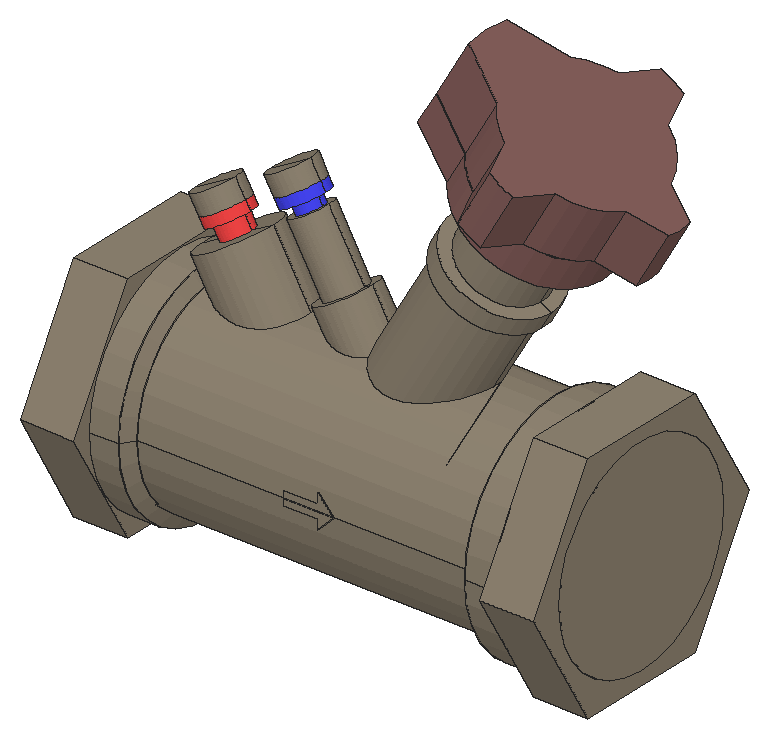
Revit family "PipeAccessories_Valve-Balancing_TA-Hydronics_STAD_DN10-50", category Pipe Accessories, Revit 2019
Family settings
  Round Connector Dimension = Use Diameter
  Part Type = Valve - Breaks Into
  OmniClass Number = 23.65.55.14.17
  OmniClass Title = Adjusting/Controlling Valves for Liquid Services
  Work Plane-Based = No
  Always vertical = Yes
  Cut with Voids When Loaded = No
  Shared = No
Parameters (values of type "TA-Hydronics_STAD_DN10-50")
  Weight_in_Kg [instance] = size_lookup(Lookup Table Name, "W", Diameter, Diameter)  # 2.30 mm
  URL = "http://www.tahydronics.com/en/products-solutions/balancing-and-control/balancing-valves/balancing-valves/stad/?q=52151009"
  Type Comments = "Screwed ends"  # constant formula
  ProductCode_2 [instance] = size_lookup(Lookup Table Name, "PC", Diameter * 1.00 mm, Diameter)  # 52151050 mm²
  NutThickness [instance] = size_lookup(Lookup Table Name, "NT", Diameter, Diameter)  # 16.28 mm
  NutDiameter [instance] = size_lookup(Lookup Table Name, "ND", Diameter, Diameter)  # 70.00 mm
  ModifiedIssue_ANZRS = 20141016.54  # constant formula
  Model = "STAD"  # constant formula
  Min.WorkingTemperature = "-20°C"
  Min.Flow [instance] = 0.0 L/s
  Max.WorkingTemperature = "120°C"
  Max.Flow [instance] = 0.0 L/s
  Manufacturer = "Tour&Andersson"  # constant formula
  Lookup Table Name = "PipeAccessories_Valve-Balancing_TA-Hydronics_STAD_DN10-50"
  Length [instance] = size_lookup(Lookup Table Name, "L", Diameter, Diameter)  # 154.83 mm
  Flow [instance] = 0.0 L/s
  ConnectorDescription = "DN 10-50: Female thread according to ISO 228. Thread length according to ISO 7/1."  # constant formula
  InclinedLength [instance] = sqrt((Length / 2) ^ 2 + Height ^ 2)  # 148.445 mm
  Height [instance] = size_lookup(Lookup Table Name, "H", Diameter, Diameter)  # 126.66 mm
  HandleMaterial = TA-Hydronics_Polyamide
  Diameter [instance] = 50.00 mm
  Description = "Manual balancing valve"  # constant formula
  CreatedBy_ANZRS = "A2K Technologies"  # constant formula
  CreatedByURL_ANZRS = "www.bimmepaus.com.au"
  BodyMaterial = TA-Hydronics_Ametal
  BodyDiameter [instance] = size_lookup(Lookup Table Name, "BD", Diameter, Diameter)  # 61.97 mm
Reference planes
  plane 1 "Center (Front/Back)": y = 0
  plane 2: z = 0
  plane 3 "Center (Left/Right)": x = 0
  plane 4: x = 77.415
  plane 5: x = -77.415
  plane 6: x = 61.135
  plane 7: x = -61.135
  plane 8: x = -49.835
  plane 9: x = 49.795
  plane 10: through (37.6, -1524, 67.723) normal (0.866, 0, -0.5)
  plane 11 "PlugB": through (0, -1524, 20.696) normal (-0.866, 0, -0.5)
  plane 12: through (-21.175, -1524, 4.881) normal (-0.866, 0, -0.5)
  plane 13: z = 126.66
Forms (mm)
  Sweep 1, solid, material "TA-Hydronics_Ametal" <- "BodyMaterial", detail levels fine
    path origin (0, 0, 0) x (1, 0, 0) y (0, 1, 0)
      loop
        line (77.415, 0) -> (-77.415, 0)
    profile origin (0, 0, 0) x (0, -1, 0) y (0, 0, 1)
      loop
        circle (0, 0) r 30.985
  Extrusion 2, solid, material "TA-Hydronics_Ametal" <- "BodyMaterial", detail levels fine
    sketch origin (77.415, 0, 0) x (0, 1, 0) y (0, 0, 1)
      loop
        line (-20.207, 35) -> (-40.415, 0) -> (-20.207, -35) -> (20.207, -35) -> (40.415, 0) -> (20.207, 35) -> (-20.207, 35)
    from 0 to -16.28
  Extrusion 3, solid, material "TA-Hydronics_Ametal" <- "BodyMaterial", detail levels fine
    sketch origin (-77.415, 0, 0) x (0, 0, 1) y (0, 1, 0)
      loop
        line (0, -40.415) -> (35, -20.207) -> (35, 20.207) -> (0, 40.415) -> (-35, 20.207) -> (-35, -20.207) -> (0, -40.415)
    from 0 to -16.28
  SweptBlend 4, solid, material "TA-Hydronics_Ametal" <- "BodyMaterial", detail levels fine
    path origin (0, 0, 0) x (1, 0, 0) y (0, 1, 0)
      loop
        line (-49.835, 0) -> (-52.175, 0)
    profile origin (-49.835, 0, 0) x (0, -1, 0) y (0, 0, 1)
      loop
        circle (0, 0) r 30.985
    end profile origin (-52.175, 0, 0) x (0, -1, 0) y (0, 0, 1)
      loop
        circle (0, 0) r 35
  Sweep 5, solid, material "TA-Hydronics_Ametal" <- "BodyMaterial", detail levels fine
    path origin (0, 0, 0) x (1, 0, 0) y (0, 1, 0)
      loop
        line (-52.175, 0) -> (-61.135, 0)
    profile origin (-56.655, 0, 0) x (0, -1, 0) y (0, 0, 1)
      loop
        circle (0, 0) r 35
  SweptBlend 6, solid, material "TA-Hydronics_Ametal" <- "BodyMaterial", detail levels fine
    path origin (0.34, 0, 0) x (-1, 0, 0) y (0, 1, 0)
      loop
        line (-49.455, 0) -> (-51.795, 0)
    profile origin (49.795, 0, 0) x (0, 1, 0) y (0, 0, 1)
      loop
        circle (0, 0) r 30.985
    end profile origin (52.135, 0, 0) x (0, 1, 0) y (0, 0, 1)
      loop
        circle (0, 0) r 35
  Sweep 7, solid, material "TA-Hydronics_Ametal" <- "BodyMaterial", detail levels fine
    path origin (0, 0, 0) x (-1, 0, 0) y (0, 1, 0)
      loop
        line (-52.135, 0) -> (-61.135, 0)
    profile origin (56.635, 0, 0) x (0, 1, 0) y (0, 0, 1)
      loop
        circle (0, 0) r 35
  Revolve 8, solid, material "TA-Hydronics_Ametal" <- "BodyMaterial", detail levels fine
    sketch origin (0, 0, 0) x (1, 0, 0) y (0, 0, -1)
      loop
        line (45.863, -82.036) -> (57.327, -75.417) -> (47.327, -58.096) -> (50.576, -56.221) -> (47.576, -51.024) -> (45.828, -52.034) -> (16.328, -0.94) -> (10.292, -4.425) -> (6.292, 2.503) -> (-0.636, -1.497) -> (45.863, -82.036)
      axis (45.863, -82.036) -> (-0.636, -1.497)
    angle from 0 to 360
  Extrusion 9, solid, material "TA-Hydronics_Polyamide" <- "HandleMaterial", detail levels fine
    sketch origin (45.863, 0, 82.036) x (-0.866025, 0, 0.5) y (0, -1, 0)
      loop
        line (17.853, -14.501) -> (34.171, -7.575)
        arc (34.171, -7.575) -> (34.954, 0) -> (34.171, 7.575) r 36.993
        line (34.171, 7.575) -> (17.853, 14.501)
        arc (17.853, 14.501) -> (-23.113, 0) -> (17.853, -14.501) r 23.05
    from 0 to 11
  Extrusion 10, solid, material "TA-Hydronics_Polyamide" <- "HandleMaterial", detail levels fine
    sketch origin (51.363, 0, 91.562) x (-0.866025, 0, 0.5) y (0, -1, 0)
      loop
        line (-8.646, -21.392) -> (-4.038, -32.248)
        arc (-4.038, -32.248) -> (0, -32.49) -> (4.038, -32.248) r 33.84
        line (4.038, -32.248) -> (8.673, -21.33)
        arc (8.673, -21.33) -> (14.1, -18.185) -> (18.478, -13.693) r 23.05
        line (18.478, -13.693) -> (34.29, -6.981)
        arc (34.29, -6.981) -> (34.953, 0.303) -> (34.171, 7.575) r 36.993
        line (34.171, 7.575) -> (17.853, 14.501)
        arc (17.853, 14.501) -> (13.693, 18.494) -> (8.673, 21.33) r 23.05
        line (8.673, 21.33) -> (4.038, 32.248)
        arc (4.038, 32.248) -> (0, 32.499) -> (-4.038, 32.248) r 32.676
        line (-4.038, 32.248) -> (-8.646, 21.392)
        arc (-8.646, 21.392) -> (-16.345, 16.315) -> (-21.438, 8.627) r 23.05
        line (-21.438, 8.627) -> (-32.248, 4.038)
        arc (-32.248, 4.038) -> (-32.62, 0) -> (-32.248, -4.038) r 22.14
        line (-32.248, -4.038) -> (-21.438, -8.627)
        arc (-21.438, -8.627) -> (-16.345, -16.315) -> (-8.646, -21.392) r 23.05
    from 0 to 19.282
  Revolve 11, solid, material "TA-Hydronics_Ametal" <- "BodyMaterial", detail levels fine
    sketch origin (0, 0, 0) x (1, 0, 0) y (0, 0, 1)
      loop
        line (-28.023, 69.234) -> (0, 20.696) -> (7.81, 25.206) -> (-3.463, 44.731) -> (-5.866, 43.344) -> (-16.616, 61.963) -> (-18.532, 60.858) -> (-20.032, 63.456) -> (-17.526, 64.902) -> (-19.025, 67.498) -> (-22.026, 72.697) -> (-28.023, 69.234)
      axis (-28.023, 69.234) -> (0, 20.696)
    angle from 0 to 360
  Revolve 12, solid, material "TA-Hydronics_Ametal" <- "BodyMaterial", detail levels fine
    sketch origin (0, 0, 0) x (1, 0, 0) y (0, 0, 1)
      loop
        line (-50.753, 56.111) -> (-21.175, 4.881) -> (-15.651, 8.071) -> (-17.681, 11.586)
        arc (-17.681, 11.586) -> (-19.408, 17.872) -> (-18.24, 24.286) r 14.661
        line (-18.24, 24.286) -> (-33.399, 50.542) -> (-39.865, 46.809) -> (-42.115, 50.706) -> (-40.255, 51.78) -> (-41.754, 54.375) -> (-44.755, 59.574) -> (-50.753, 56.111)
      axis (-50.753, 56.111) -> (-21.175, 4.881)
    angle from 0 to 360
  Extrusion 13, solid, material "TA-Hydronics_Ametal" <- "BodyMaterial", detail levels fine
    sketch origin (-12.5, -28, 0) x (1, 0, 0) y (0, 0, 1)
      loop
        line (7.089, 2) -> (7.089, -2) -> (17.089, -2) -> (17.089, -5) -> (22.089, 0) -> (17.089, 5) -> (17.089, 2) -> (7.089, 2)
    from -58.985 to 2.985
Lines and regions (mm)
  reference lines
    curve 1: line (61.005, 0, 108.261) -> (11.138, 0, 137.051)
    curve 2: line (51.363, 0, 91.562) -> (14.487, 0, 112.852)
    curve 3: line (45.863, 0, 82.036) -> (8.987, 0, 103.326)
    curve 4: line (-21.175, 0, 4.881) -> (-42.826, 0, -7.619)
  model lines, detail levels coarse+medium
    curve 5: line (0, 0, 0) -> (0, -45, 0)
    curve 6: line (-25, -45, 0) -> (25, -45, 0)
    curve 7: line (-61.415, 27.766, 0) -> (-61.415, 47.766, 0)
    curve 8: line (61.415, 27.766, 0) -> (61.415, 47.766, 0)
  model lines, style "PipeAccessory", detail levels coarse+medium
    curve 9: line (-77.415, 35, 0) -> (77.415, -35, 0)
    curve 10: line (77.415, 35, 0) -> (-77.415, -35, 0)
    curve 11: line (77.415, 35, 0) -> (77.415, -35, 0)
    curve 12: line (-77.415, 35, 0) -> (-77.415, -35, 0)
Dimensions and locks
  equal spacing: plane 5, plane 3 "Center (Left/Right)", plane 4
  "Length": plane 5 to plane 4
  equal spacing: Extrusion 2 sketch curve, plane 1 "Center (Front/Back)", Extrusion 2 sketch curve  (x3)
  "NutDiameter": Extrusion 2 sketch curve to Extrusion 2 sketch curve  (x3)
  "NutThickness": plane 6 to plane 4
  "NutThickness": plane 5 to plane 7
  plane 7 to plane 8 = 11.30 mm
  plane 9 to plane 6 = 11.34 mm
  equal spacing: Extrusion 3 sketch curve, plane 1 "Center (Front/Back)", Extrusion 3 sketch curve  (x3)
  "NutDiameter": Extrusion 3 sketch curve to Extrusion 3 sketch curve  (x3)
  equal spacing: curve 12, plane 1 "Center (Front/Back)", curve 12
  equal spacing: curve 11, plane 1 "Center (Front/Back)", curve 11
  "NutDiameter": curve 11 to curve 11
  "NutDiameter": curve 12 to curve 12
  locked: Revolve 8 sketch curve to curve 3 at 20
  locked: Revolve 8 sketch curve to curve 3 at 26
  locked: plane 10 to Revolve 8 sketch curve at 13.238
  locked: plane 10 to Revolve 8 sketch curve at 16.989
  locked: plane 10 to Revolve 8 sketch curve at 14.97
  locked: curve 1 to curve 2 at 19.282
  locked: curve 2 to curve 3 at 11
  locked: Revolve 12 sketch curve to curve 4 at 45.655
  locked: Revolve 12 sketch curve to curve 4 at 50.155
  locked: curve 4 to Revolve 12 sketch curve at 59.155
  locked: Revolve 12 sketch curve to plane 12 at 6.379
  locked: plane 12 to Revolve 12 sketch curve at 12.244
  locked: plane 12 to Revolve 12 sketch curve at 4.778
  locked: plane 12 to Revolve 12 sketch curve at 6.925  (x2)
  "Height": plane 13 to plane 2
  locked: plane 13 to curve 1 at 18.399
  locked: Revolve 8 sketch curve to Revolve 8 sketch curve at 8
  locked: plane 10 to Revolve 8 sketch curve at 8
  locked: curve 6 to plane 1 "Center (Front/Back)" at 45
  equal spacing: curve 6, plane 3 "Center (Left/Right)", curve 6
  "Diameter": curve 6 to curve 6
  locked: curve 8 to plane 4 at 16
  plane 5 to curve 7 = 16.00 mm
  locked: Extrusion 13 sketch curve to Extrusion 13 sketch curve at 10
  Extrusion 13 sketch curve to Extrusion 13 sketch curve = 4.00 mm
  locked: Extrusion 13 sketch curve to Extrusion 13 sketch curve at 5
  "BodyDiameter": Extrusion 13 to Extrusion 13
  equal spacing: Extrusion 13, plane 1 "Center (Front/Back)", Extrusion 13
  "BodyDiameter": diameter of Sweep 1 sketch curve
  "BodyDiameter": diameter of SweptBlend 4 sketch curve
  "NutDiameter": diameter of SweptBlend 4 sketch curve
  "NutDiameter": diameter of Sweep 5 sketch curve
  "BodyDiameter": diameter of SweptBlend 6 sketch curve
  "NutDiameter": diameter of SweptBlend 6 sketch curve
  "NutDiameter": diameter of Sweep 7 sketch curve
  radius of Revolve 12 sketch curve = 14.661 mm
  angle Extrusion 3 sketch curve to Extrusion 3 sketch curve = 120.00°  (x6)
  angle Extrusion 2 sketch curve to Extrusion 2 sketch curve = 120.00°  (x6)
  locked: plane 10 to curve 1 (angle 90.00°)
  locked: plane 10 to curve 2 (angle 90.00°)
  locked: plane 10 to curve 3 (angle 90.00°)
  locked: plane 12 to curve 4 (angle 90.00°)
  aligned and locked: level to plane 2
  aligned and locked: Sweep 1 sketch curve to plane 1 "Center (Front/Back)"
  aligned and locked: plane 6 to Extrusion 2
  aligned and locked: Extrusion 3 to plane 7
  aligned and locked: Sweep 5 sketch curve to plane 1 "Center (Front/Back)"
  aligned and locked: SweptBlend 4 to Sweep 5 sketch curve
  aligned and locked: Sweep 7 sketch curve to SweptBlend 6
  aligned and locked: SweptBlend 6 to plane 9
  aligned and locked: plane 10 to Revolve 8 sketch curve
  aligned and locked: Revolve 8 sketch curve to plane 10
  aligned and locked: Extrusion 10 to curve 1
  aligned and locked: plane 10 to curve 2
  aligned and locked: plane 10 to curve 3
  aligned and locked: Extrusion 10 to curve 2
  aligned and locked: Extrusion 9 to curve 3
  aligned and locked: Extrusion 9 to curve 2
  aligned and locked: Revolve 8 sketch curve to curve 3
  aligned and locked: plane 11 "PlugB" to Revolve 11 sketch curve  (x2)
  aligned and locked: plane 12 to Revolve 12 sketch curve
  aligned and locked: Revolve 12 sketch curve to curve 4
  aligned and locked: plane 10 to curve 1
  aligned and locked: curve 5 to plane 3 "Center (Left/Right)"
  aligned and locked: Extrusion 13 sketch curve to Extrusion 13 sketch curve
Automatic sketch dimensions
  Sweep 1 sketch curve to plane 5 = 0.00 mm
  Sweep 1 sketch curve to plane 4 = 0.00 mm
  plane 1 "Center (Front/Back)" to SweptBlend 4 sketch curve = 0.00 mm
  SweptBlend 4 sketch curve to plane 8 = 0.00 mm
  SweptBlend 4 sketch curve to plane 8 = 2.34 mm
  Sweep 5 sketch curve to plane 7 = 0.00 mm
  plane 1 "Center (Front/Back)" to SweptBlend 6 sketch curve = 0.00 mm
  SweptBlend 6 sketch curve to plane 9 = 0.00 mm
  SweptBlend 6 sketch curve to plane 9 = 2.34 mm
  plane 1 "Center (Front/Back)" to Sweep 7 sketch curve = 0.00 mm
  Sweep 7 sketch curve to plane 6 = 0.00 mm
  curve 3 to Extrusion 9 sketch curve = 0.00 mm  (x2)
  Extrusion 9 sketch curve to curve 3 = 2.038 mm
  Extrusion 9 sketch curve to curve 3 = 0.064 mm
  curve 3 to Extrusion 9 sketch curve = 17.853 mm  (x2)
  Extrusion 9 sketch curve to curve 3 = 8.41 mm
  curve 3 to Extrusion 9 sketch curve = 7.575 mm
  Extrusion 9 sketch curve to Extrusion 9 sketch curve = 0.00 mm
  curve 3 to Extrusion 9 sketch curve = 14.501 mm
  Extrusion 10 sketch curve to Extrusion 10 sketch curve = 0.00 mm  (x12)
  curve 2 to Extrusion 10 sketch curve = 0.00 mm  (x3)
  Extrusion 10 sketch curve to curve 2 = 0.00 mm  (x2)
  Extrusion 10 sketch curve to curve 2 = 0.177 mm
  curve 2 to Extrusion 10 sketch curve = 1.35 mm
  Extrusion 10 sketch curve to curve 2 = 0.064 mm
  Extrusion 10 sketch curve to Extrusion 10 sketch curve = 1.974 mm
  Extrusion 10 sketch curve to curve 2 = 4.038 mm  (x3)
  Extrusion 10 sketch curve to curve 2 = 8.646 mm  (x2)
  Extrusion 10 sketch curve to Extrusion 10 sketch curve = 8.441 mm
  Extrusion 10 sketch curve to curve 2 = 8.627 mm
  Extrusion 10 sketch curve to Extrusion 10 sketch curve = 10.959 mm  (x2)
  curve 2 to Extrusion 10 sketch curve = 8.627 mm
  Extrusion 10 sketch curve to Extrusion 10 sketch curve = 10.81 mm
  curve 2 to Extrusion 10 sketch curve = 4.038 mm  (x3)
  curve 2 to Extrusion 10 sketch curve = 8.673 mm  (x2)
  Extrusion 10 sketch curve to Extrusion 10 sketch curve = 9.18 mm
  Extrusion 10 sketch curve to Extrusion 10 sketch curve = 9.805 mm
  Extrusion 10 sketch curve to curve 2 = 8.41 mm
  curve 2 to Extrusion 10 sketch curve = 6.981 mm
  Extrusion 10 sketch curve to Extrusion 10 sketch curve = 0.119 mm
  Extrusion 10 sketch curve to curve 2 = 32.248 mm
  Extrusion 10 sketch curve to curve 2 = 21.33 mm
  Extrusion 10 sketch curve to curve 2 = 14.501 mm
  curve 2 to Extrusion 10 sketch curve = 32.248 mm
  Revolve 11 sketch curve to plane 3 "Center (Left/Right)" = 0.00 mm  (x2)
  Revolve 11 sketch curve to plane 3 "Center (Left/Right)" = 3.463 mm
  Revolve 11 sketch curve to Revolve 11 sketch curve = 2.403 mm
  Revolve 11 sketch curve to plane 3 "Center (Left/Right)" = 16.616 mm
  Revolve 11 sketch curve to Revolve 11 sketch curve = 0.91 mm
  Revolve 11 sketch curve to Revolve 11 sketch curve = 1.916 mm
  Revolve 11 sketch curve to Revolve 11 sketch curve = 1.498 mm
  Revolve 11 sketch curve to Revolve 11 sketch curve = 2.506 mm
  Revolve 11 sketch curve to Revolve 11 sketch curve = 3.002 mm
  Revolve 11 sketch curve to Revolve 11 sketch curve = 5.997 mm
  Revolve 11 sketch curve to Revolve 11 sketch curve = 0.00 mm
  plane 12 to curve 4 = 0.00 mm
  level to curve 4 = 4.881 mm
  plane 12 to Revolve 12 sketch curve = 0.00 mm
  Revolve 12 sketch curve to Revolve 12 sketch curve = 1.498 mm
  Revolve 12 sketch curve to Revolve 12 sketch curve = 3.494 mm
  Revolve 12 sketch curve to plane 3 "Center (Left/Right)" = 4.762 mm
  Revolve 12 sketch curve to Revolve 12 sketch curve = 0.00 mm
  level to Revolve 12 sketch curve = 7.574 mm
  plane 3 "Center (Left/Right)" to Revolve 8 sketch curve = 0.636 mm
  plane 3 "Center (Left/Right)" to Revolve 8 sketch curve = 3.89 mm
  Revolve 8 sketch curve to Revolve 8 sketch curve = 0.017 mm
  Extrusion 13 sketch curve to level = 0.00 mm
  Extrusion 13 sketch curve to level = 2.00 mm
  Extrusion 13 sketch curve to plane 3 "Center (Left/Right)" = 5.411 mm
  Extrusion 13 sketch curve to Extrusion 13 sketch curve = 0.00 mm
  Extrusion 13 sketch curve to Extrusion 13 sketch curve = 3.00 mm
  level to Extrusion 13 sketch curve = 2.00 mm
  curve 9 to plane 5 = 0.00 mm
  curve 11 to plane 4 = 0.00 mm
  plane 1 "Center (Front/Back)" to curve 5 = 0.00 mm
  curve 7 to curve 7 = 20.00 mm
  curve 8 to curve 8 = 20.00 mm
  Sweep 1 sketch curve to level = 0.00 mm
  Sweep 1 sketch curve to profile plane = 0.00 mm
  SweptBlend 4 sketch curve to level = 0.00 mm  (x2)
  SweptBlend 4 sketch curve to profile plane = 0.00 mm  (x2)
  Sweep 5 sketch curve to level = 0.00 mm
  Sweep 5 sketch curve to profile plane = 0.00 mm
  SweptBlend 6 sketch curve to level = 0.00 mm  (x2)
  SweptBlend 6 sketch curve to profile plane = 0.00 mm  (x2)
  Sweep 7 sketch curve to level = 0.00 mm
  Sweep 7 sketch curve to profile plane = 0.00 mm
Connectors
  piping at (77.415, 0, 0), diameter 50, driven by "Diameter", driven by "ConnectorDescription"
    settings: on Sweep 1, index 1, connector inside diameter 609.6 mm, connector length 0.00 mm, flow factor 0, pipe flow 0.0 L/s, pressure drop 0.0 Pa, fitting loss kfactor 0, connector angle 0.00°, fixture units 0, engagement length 0.00 mm, angle of deflection 0.00°, flow configuration 0, flow direction 2, fitting loss method 4, system type 29, joint type 0, gender type 0, connector reference index 2, connector utility 0, adjustable connector no, is connector primary yes, connector description "DN 10-50: Female thread according to ISO 228. Thread length according to ISO 7/1."
  piping at (-77.415, 0, 0), diameter 50, driven by "Diameter", driven by "ConnectorDescription"
    settings: on Sweep 1, index 2, connector inside diameter 609.6 mm, connector length 0.00 mm, flow factor 0, pipe flow 0.0 L/s, pressure drop 0.0 Pa, fitting loss kfactor 0, connector angle 0.00°, fixture units 0, engagement length 0.00 mm, angle of deflection 0.00°, flow configuration 0, flow direction 1, fitting loss method 4, system type 29, joint type 0, gender type 0, connector reference index 1, connector utility 0, adjustable connector no, is connector primary no, connector description "DN 10-50: Female thread according to ISO 228. Thread length according to ISO 7/1."
